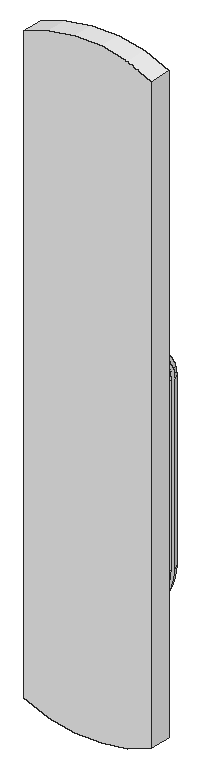
Revit family "60d6166d793248409e320f205139b485", category Doors, Revit 2021
Family settings
  Work Plane-Based = No
  Always vertical = Yes
  Cut with Voids When Loaded = No
  Shared = No
  Room Calculation Point = No
Parameters (values of type "With Lock")
  Width = 0' - 3"
  Thickness = 0' - 0 1/2"
  Material = Metal - Stainless Steel
  Lock = yes
  Height = 1' - 2"
  Analytic Construction = "<None>"
Types (2): name | Lock
  With Lock | yes
  Without Lock | no
Reference planes (in)
  plane 1 "Center (Front/Back)": y = 0
  plane 2: z = 0
  plane 3 "Center (Left/Right)": x = 0
  plane 4: z = -7
  plane 5: z = 7
  plane 6: x = 1.5
  plane 7: x = -1.5
  plane 8: z = 4
  plane 9: y = -0.25
  plane 10: y = 0.33333
  plane 11: y = 0.5
  plane 12: y = 0.84375
Forms (in)
  Extrusion 1, solid, material "Metal - Stainless Steel" <- "Material"
    sketch origin (0, 0, 0) x (1, 0, 0) y (0, 0, 1)
      loop
        line (1.5, -7) -> (1.5, 7)
        arc (1.5, 7) -> (0, 7.33604) -> (-1.5, 7) r 3.51581
        line (-1.5, 7) -> (-1.5, -7)
        arc (-1.5, -7) -> (0, -7.33604) -> (1.5, -7) r 3.51581
    from -0.5 to 0
  Extrusion 2, solid, material "Metal - Stainless Steel" <- "Material", visible <- "Lock"
    sketch origin (0, 0, 0) x (1, 0, 0) y (0, 0, 1)
      loop
        circle (0, 4) r 0.74803
    from -0.84375 to -0.5
  Sweep 3, solid, material "Metal - Stainless Steel" <- "Material"
    path origin (0, 0, 0) x (0, 1, 0) y (0, 0, 1)
      loop
        line (0.5, 0) -> (1.5, 0)
        arc (1.5, 0) -> (1.85355, -0.14645) -> (2, -0.5) r 0.5
        line (2, -0.5) -> (2, -4.5)
        arc (2, -4.5) -> (1.85355, -4.85355) -> (1.5, -5) r 0.5
        line (1.5, -5) -> (0.5, -5)
    profile origin (0, 1, 0) x (0, 0, 1) y (1, 0, 0)
      loop
        line (-0.04688, -0.3937) -> (0.04688, -0.3937)
        arc (0.04688, -0.3937) -> (0.14631, -0.35251) -> (0.1875, -0.25308) r 0.14063
        line (0.1875, -0.25308) -> (0.1875, 0.25308)
        arc (0.1875, 0.25308) -> (0.14631, 0.35251) -> (0.04688, 0.3937) r 0.14063
        line (0.04688, 0.3937) -> (-0.04689, 0.3937)
        arc (-0.04689, 0.3937) -> (-0.14632, 0.35252) -> (-0.1875, 0.25309) r 0.14061
        line (-0.1875, 0.25309) -> (-0.1875, -0.25308)
        arc (-0.1875, -0.25308) -> (-0.14631, -0.35251) -> (-0.04688, -0.3937) r 0.14063
Dimensions and locks (in)
  equal spacing: plane 4, plane 2, plane 5
  "Height": plane 4 to plane 5
  equal spacing: plane 7, plane 3 "Center (Left/Right)", plane 6
  "Width": plane 7 to plane 6
  plane 8 to plane 5 = 0' - 3"
  plane 1 "Center (Front/Back)" to plane 9 = 0' - 0 1/4"
  "Thickness": plane 11 to plane 1 "Center (Front/Back)"
  locked: plane 12 to plane 11 at 0.34375
  aligned and locked: plane 2 to level
  aligned and locked: Extrusion 1 sketch curve to plane 6
  aligned and locked: Extrusion 1 sketch curve to plane 7
  aligned and locked: plane 11 to Extrusion 1
  aligned and locked: plane 1 "Center (Front/Back)" to Extrusion 1
  aligned and locked: Extrusion 2 to plane 12
  aligned and locked: Extrusion 2 to plane 11
Automatic sketch dimensions
  Extrusion 1 sketch curve to plane 3 "Center (Left/Right)" = 0' - 0"  (x2)
  Extrusion 1 sketch curve to plane 5 = 0' - 0"
  plane 4 to Extrusion 1 sketch curve = 0' - 3.17977"
  plane 5 to Extrusion 1 sketch curve = 0' - 3.17977"
  Extrusion 1 sketch curve to plane 4 = 0' - 0"
  Sweep 3 sketch curve to level = 0' - 0"
  Sweep 3 sketch curve to plane 1 "Center (Front/Back)" = 0' - 0 1/2"  (x2)
  plane 10 to Sweep 3 sketch curve = 0' - 1.16667"  (x2)
  Sweep 3 sketch curve to Sweep 3 sketch curve = 0' - 0 1/2"
  plane 4 to Sweep 3 sketch curve = 0' - 2 1/2"
  profile plane to Sweep 3 sketch curve = 0' - 0 3/16"
  profile plane to Sweep 3 sketch curve = 0' - 0 3/64"  (x2)
  Sweep 3 sketch curve to profile plane = 0' - 0 3/64"  (x2)
  Sweep 3 sketch curve to Sweep 3 sketch curve = 0' - 0 9/64"
  Sweep 3 sketch curve to plane 3 "Center (Left/Right)" = 0' - 0.3937"
  plane 3 "Center (Left/Right)" to Sweep 3 sketch curve = 0' - 0.25308"
  Extrusion 2 sketch curve to plane 3 "Center (Left/Right)" = 0' - 0"
  Extrusion 2 sketch curve to plane 8 = 0' - 0"
  radius of Extrusion 2 sketch curve = 0' - 0.74803"
